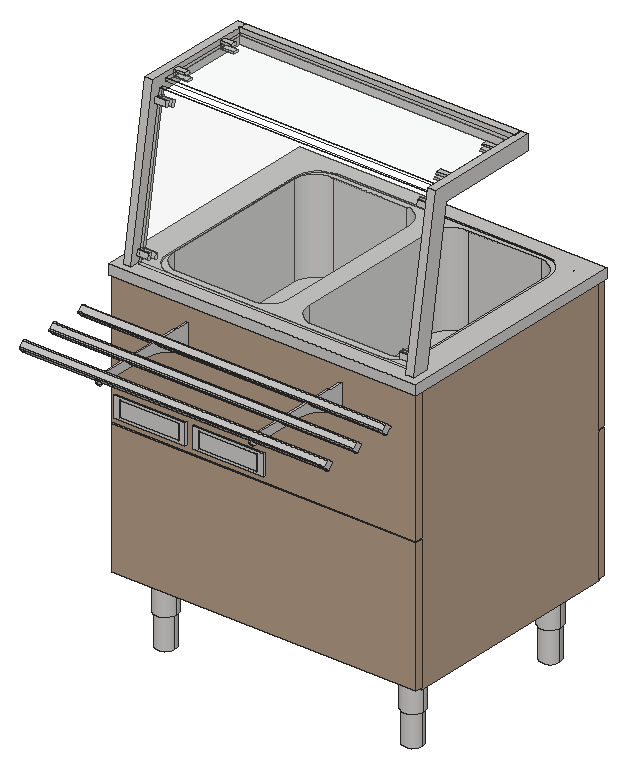
Revit family "QF_ELECTROLUXPROFESSIONAL_322078_F02H2AF01W", category Specialty Equipment, Revit 2018
Family settings
  Round Connector Dimension = Use Diameter
  Part Type = Normal
  Work Plane-Based = No
  Always vertical = Yes
  Cut with Voids When Loaded = No
  Shared = No
  Room Calculation Point = No
Parameters (values of type "Standard")
  Weight = 90.50 kg
  Watts = 0 W
  Volts = 220 V
  URL Manufacturer = "http://professional.electrolux.com"
  URL = "http://professional.electrolux.com"
  Steam Supply Size = 0 mm
  Steam Supply Minimum Pressure = 0.0 Pa
  Steam Supply Maximum Pressure = 0.0 Pa
  Steam Pounds per Hour = 0
  Show Clearance [instance] = yes
  Refrigeration Suction Line Size = 0 mm
  Refrigeration Liquid Line Size = 0 mm
  Refrigerant Compressor Remote = yes
  Manufacturer = "Electrolux Professional"
  Phase = 1
  Model = "F02H2AF01W"
  Length Actual = 800 mm  # constant formula
  Item Number = "322078"
  Hot Water Size = 0 mm
  Height Actual = 1304 mm  # constant formula
  HP = "0 HP"
  Gas Size = 0 mm
  Gas KW = 0
  Gas Input Pressure = 0 W
  Direct Waste Size = 19.05 mm
  Description = "BAIN-MARIE, WATER, TWO WELLS, 2GN H=900MM OVERSHELF W/LED LIGHTS"
  Depth Actual = 915 mm  # constant formula
  Cycle = 60 Hz
  Condensate Return Size = 0 mm
  Compressed Air Volume = 0.0 L/s
  Compressed Air Size = 0 mm
  Compressed Air Pressure = 0.0 Pa
  Cold Water Size = 0 mm
  Accessory = yes
Types (2, lengths in mm): name | URL | Manufacturer | Phase | Model | Description
  (no name) | 0 | 0 | 0 | 0 | 0
  Standard | "http://professional.electrolux.com" | "Electrolux Professional" | 1 | "F02H2AF01W" | "BAIN-MARIE, WATER, TWO WELLS, 2GN H=900MM OVERSHELF W/LED LIGHTS"
Values of the unnamed type that differ from the named types
  Volts = 0 V
  URL Manufacturer = ""
  Item Number = ""
  Cycle = 0 Hz
Reference planes
  plane 1 "Centro (Fronte/Retro)": y = 74.737
  plane 2: z = 0
  plane 3 "BACK": y = 384.737
  plane 4 "FRONT": y = -235.263
  plane 5: z = 900
  plane 6 "RIGHT": x = -114.269
  plane 7 "LEFT": x = -914.269
  plane 8: x = -514.269
  plane 9: y = 664.737
  plane 10: y = -530.02
  plane 11: z = 178
  plane 12: z = 1304
  plane 13: z = 1222
  plane 14: y = 297.737
  plane 15: y = -148.263
  plane 16: x = -836.269
  plane 17: x = -192.269
  plane 18: x = -910.269
  plane 19: y = -231.263
  plane 20: x = -118.269
  plane 21: y = 380.737
  plane 22: z = 874
  plane 23: y = 362.737
  plane 24: y = -213.263
  plane 25: z = 182
  plane 26: z = 527
  plane 27: z = 531
  plane 28: x = -312.269
  plane 29: x = -716.269
  plane 30: x = -892.394
  plane 31: x = -136.144
  plane 32: x = -156.144
  plane 33: x = -872.394
  plane 34: x = -864.269
  plane 35: x = -164.269
  plane 36: y = 130.237
  plane 37: y = 19.237
  plane 38: y = 33.237
  plane 39: y = 116.237
  plane 40: x = -802.269
  plane 41: x = -219.269
Forms (mm)
  Extrusion 1, solid, material "QF_Finishes_Wood"
    sketch origin (0, 0, 0) x (1, 0, 0) y (0, 1, 0)
      loop
        line (-910.269, 362.737) -> (-910.269, -213.263) -> (-118.269, -213.263) -> (-118.269, 362.737) -> (-910.269, 362.737)
    from 178 to 874
  Extrusion 2, solid, material "QF_Finishes_Wood"
    sketch origin (-118.269, 362.737, 0) x (0, -1, 0) y (0, 0, -1)
      loop
        line (576, -182) -> (576, -527) -> (594, -527) -> (594, -182) -> (576, -182)
      loop
        line (576, -531) -> (576, -874) -> (594, -874) -> (594, -531) -> (576, -531)
    from 0 to -792
  Extrusion 3, solid, material "QF_Finishes_Wood"
    sketch origin (-118.269, -213.263, 0) x (0, 1, 0) y (0, 0, 1)
      loop
        line (576, 531) -> (594, 531) -> (594, 874) -> (576, 874) -> (576, 531)
    from 0 to -792
  Extrusion 4, solid, material "QF_Finishes_Stainless Steel"
    sketch origin (0, 0, 0) x (1, 0, 0) y (0, 1, 0)
      loop
        line (-914.269, 384.737) -> (-914.269, -235.263) -> (-114.269, -235.263) -> (-114.269, 384.737) -> (-914.269, 384.737)
    from 874 to 900
  Extrusion 5, solid, material "QF_Finishes_Stainless Steel"
    sketch origin (-317.269, 362.737, 0) x (0, -1, 0) y (0, 0, -1)
      loop
        arc (628.84, -832.7) -> (632.082, -833.911) -> (635.519, -834.32) r 14.5
        line (635.519, -834.32) -> (675.715, -834.32) -> (689.858, -820.177) -> (704, -834.32) -> (770.715, -834.32) -> (784.858, -820.177) -> (799, -834.32) -> (865.716, -834.32) -> (879.858, -820.177) -> (887.686, -828.005) -> (887.686, -821.352)
        arc (887.686, -821.352) -> (887.303, -819.435) -> (886.214, -817.81) r 4.999
        line (886.214, -817.81) -> (881.179, -812.776)
        arc (881.179, -812.776) -> (879.559, -811.698) -> (877.651, -811.32) r 5
        line (877.651, -811.32) -> (732.206, -811.32)
        arc (732.206, -811.32) -> (708.662, -809.221) -> (685.86, -802.991) r 133.106
        line (685.86, -802.991) -> (638.285, -785.32) -> (597.679, -770.12) -> (594, -770.12) -> (594, -832.7) -> (628.84, -832.7)
    from 0 to 5
  Extrusion 6, void
    sketch origin (0, 0, 0) x (1, 0, 0) y (0, 1, 0)
      loop
        line (-846.552, 283.737) -> (-846.552, -130.763)
        arc (-846.552, -130.763) -> (-828.652, -173.896) -> (-785.519, -191.763) r 61
        line (-785.519, -191.763) -> (-243.019, -191.763)
        arc (-243.019, -191.763) -> (-199.885, -173.896) -> (-182.019, -130.763) r 61
        line (-182.019, -130.763) -> (-182.019, 283.737)
        arc (-182.019, 283.737) -> (-199.885, 326.871) -> (-243.019, 344.737) r 61
        line (-243.019, 344.737) -> (-785.519, 344.737)
        arc (-785.519, 344.737) -> (-828.652, 326.871) -> (-846.552, 283.737) r 61
    from 622.655 to 900
  Extrusion 7, solid, material "QF_Finishes_Wood"
    sketch origin (419.731, -213.263, -348) x (0, 1, 0) y (0, 0, 1)
      loop
        line (576, 530) -> (594, 530) -> (594, 875) -> (576, 875) -> (576, 530)
    from -538 to -658.044
  Extrusion 8, solid, material "QF_Finishes_Wood"
    sketch origin (-234.269, -213.263, -348) x (0, 1, 0) y (0, 0, 1)
      loop
        line (576, 530) -> (594, 530) -> (594, 875) -> (576, 875) -> (576, 530)
    from -548.963 to -676
  Extrusion 9, solid, material "QF_Door-Drawer Clearances", visible <- "Show Clearance"
    sketch origin (0, -4, 0) x (1, 0, 0) y (0, 1, 0)
      loop
        line (-783.232, 384.737) -> (-238.312, 384.737) -> (-710.987, 657.636)
        arc (-710.987, 657.636) -> (-765.12, 525.955) -> (-783.232, 384.737) r 544.001
    from 182 to 527
  Extrusion 10, solid, material "QF_Finishes_Stainless Steel"
    sketch origin (-716.269, 362.737, 0) x (0, -1, 0) y (0, 0, -1)
      loop
        arc (628.84, -832.7) -> (632.082, -833.911) -> (635.519, -834.32) r 14.5
        line (635.519, -834.32) -> (675.715, -834.32) -> (689.858, -820.177) -> (704, -834.32) -> (770.715, -834.32) -> (784.858, -820.177) -> (799, -834.32) -> (865.716, -834.32) -> (879.858, -820.177) -> (887.686, -828.005) -> (887.686, -821.352)
        arc (887.686, -821.352) -> (887.303, -819.435) -> (886.214, -817.81) r 4.999
        line (886.214, -817.81) -> (881.179, -812.776)
        arc (881.179, -812.776) -> (879.559, -811.698) -> (877.651, -811.32) r 5
        line (877.651, -811.32) -> (732.206, -811.32)
        arc (732.206, -811.32) -> (708.662, -809.221) -> (685.86, -802.991) r 133.106
        line (685.86, -802.991) -> (638.285, -785.32) -> (597.679, -770.12) -> (594, -770.12) -> (594, -832.7) -> (628.84, -832.7)
    from 0 to 5
  Extrusion 11, solid, material "QF_Finishes_Stainless Steel"
    sketch origin (-118.269, 362.737, 0) x (0, -1, 0) y (0, 0, -1)
      loop
        line (881.983, -846.337) -> (891.875, -836.445)
        arc (891.875, -836.445) -> (892.757, -834.322) -> (891.879, -832.198) r 3
        line (891.879, -832.198) -> (881.979, -822.299)
        arc (881.979, -822.299) -> (879.858, -821.42) -> (877.737, -822.299) r 3
        line (877.737, -822.299) -> (867.837, -832.198)
        arc (867.837, -832.198) -> (866.958, -834.32) -> (867.837, -836.441) r 3
        line (867.837, -836.441) -> (877.737, -846.34)
        arc (877.737, -846.34) -> (879.86, -847.219) -> (881.983, -846.337) r 3
      loop
        line (786.979, -846.34) -> (796.879, -836.441)
        arc (796.879, -836.441) -> (797.757, -834.32) -> (796.879, -832.198) r 3
        line (796.879, -832.198) -> (786.979, -822.299)
        arc (786.979, -822.299) -> (784.858, -821.42) -> (782.737, -822.299) r 3
        line (782.737, -822.299) -> (772.837, -832.198)
        arc (772.837, -832.198) -> (771.958, -834.317) -> (772.833, -836.437) r 3
        line (772.833, -836.437) -> (782.741, -846.345)
        arc (782.741, -846.345) -> (784.861, -847.219) -> (786.979, -846.34) r 3
      loop
        line (691.976, -846.343) -> (701.882, -836.438)
        arc (701.882, -836.438) -> (702.757, -834.318) -> (701.879, -832.198) r 3
        line (701.879, -832.198) -> (691.979, -822.299)
        arc (691.979, -822.299) -> (689.858, -821.42) -> (687.737, -822.299) r 3
        line (687.737, -822.299) -> (677.837, -832.198)
        arc (677.837, -832.198) -> (676.958, -834.32) -> (677.837, -836.441) r 3
        line (677.837, -836.441) -> (687.737, -846.34)
        arc (687.737, -846.34) -> (689.856, -847.219) -> (691.976, -846.343) r 3
    from 0 to -792
  Extrusion 12, solid, material "QF_Finishes_Stainless Steel"
    sketch origin (-118.269, 362.737, 0) x (0, -1, 0) y (0, 0, -1)
      loop
        line (206.477, -1264.379) -> (206.477, -1304) -> (507.108, -1304) -> (578.344, -900) -> (537.727, -900) -> (473.477, -1264.379) -> (206.477, -1264.379)
    from -17.875 to -37.875
  Extrusion 13, solid, material "QF_Finishes_Stainless Steel"
    sketch origin (-895.269, 362.737, 0) x (0, -1, 0) y (0, 0, 1)
      loop
        line (206.477, 1264.379) -> (473.477, 1264.379) -> (537.727, 900) -> (578.344, 900) -> (507.108, 1304) -> (206.477, 1304) -> (206.477, 1264.379)
    from -2.875 to -22.875
  Extrusion 14, solid, material "QF_Finishes_Glass"
    sketch origin (-133.269, -231.263, 531) x (0, 0, 1) y (-1, 0, 0)
      loop
        line (757.879, 31) -> (765.879, 31) -> (765.879, 731) -> (757.879, 731) -> (757.879, 31)
    from -361.5 to -120.204
  Extrusion 15, solid, material "QF_Finishes_Stainless Steel"
    sketch origin (0, 0, 0) x (1, 0, 0) y (0, 1, 0)
      loop
        line (-872.394, 156.26) -> (-872.394, 136.26) -> (-156.144, 136.26) -> (-156.144, 156.26) -> (-872.394, 156.26)
    from 1264.379 to 1304
  Extrusion 16, solid, material "QF_Finishes_Glass"
    sketch origin (-133.269, 362.737, 0) x (0, -1, 0) y (0, 0, -1)
      loop
        line (494.569, -1282.974) -> (562.097, -900) -> (553.974, -900) -> (486.445, -1282.974) -> (494.569, -1282.974)
    from -31 to -731
  Extrusion 17, solid, material "QF_Finishes_Stainless Steel"
    sketch origin (-133.269, -64.263, 531) x (0, 0, 1) y (-1, 0, 0)
      loop
        line (765.879, 706.5) -> (770.879, 708.5) -> (770.879, 739.125) -> (750.879, 739.125) -> (750.879, 731) -> (751.974, 731) -> (751.974, 700.938) -> (755.879, 702.5) -> (755.879, 732) -> (765.879, 732) -> (765.879, 706.5)
    from 0 to 14
  Extrusion 18, solid, material "QF_Finishes_Stainless Steel"
    sketch origin (-133.269, 85.737, 531) x (0, 0, 1) y (-1, 0, 0)
      loop
        line (765.879, 706.5) -> (770.879, 708.5) -> (770.879, 739.125) -> (750.879, 739.125) -> (750.879, 731) -> (751.974, 731) -> (751.974, 700.938) -> (755.879, 702.5) -> (755.879, 732) -> (765.879, 732) -> (765.879, 706.5)
    from 0 to 14
  Extrusion 19, solid, material "QF_Finishes_Stainless Steel"
    sketch origin (-895.269, -64.263, 531) x (0, 0, 1) y (-1, 0, 0)
      loop
        line (765.879, -706.5) -> (765.879, -732) -> (755.879, -732) -> (755.879, -702.5) -> (751.974, -700.938) -> (751.974, -731) -> (750.879, -731) -> (750.879, -739.125) -> (770.879, -739.125) -> (770.879, -708.5) -> (765.879, -706.5)
    from 0 to 14
  Extrusion 20, solid, material "QF_Finishes_Stainless Steel"
    sketch origin (-895.269, 85.737, 531) x (0, 0, 1) y (-1, 0, 0)
      loop
        line (765.879, -706.5) -> (765.879, -732) -> (755.879, -732) -> (755.879, -702.5) -> (751.974, -700.938) -> (751.974, -731) -> (750.879, -731) -> (750.879, -739.125) -> (770.879, -739.125) -> (770.879, -708.5) -> (765.879, -706.5)
    from 0 to 14
  Extrusion 21, solid, material "QF_Finishes_Stainless Steel"
    sketch origin (-895.269, 619.458, 1129.907) x (0, -0.984808, 0.173648) y (-1, 0, 0)
      loop
        line (765.879, -706.5) -> (765.879, -732) -> (755.879, -732) -> (755.879, -702.5) -> (751.974, -700.938) -> (751.974, -731) -> (750.879, -731) -> (750.879, -739.125) -> (770.879, -739.125) -> (770.879, -708.5) -> (765.879, -706.5)
    from 0 to 14
  Extrusion 22, solid, material "QF_Finishes_Stainless Steel"
    sketch origin (-133.269, 619.458, 1129.907) x (0, -0.984808, 0.173648) y (-1, 0, 0)
      loop
        line (765.879, 706.5) -> (770.879, 708.5) -> (770.879, 739.125) -> (750.879, 739.125) -> (750.879, 731) -> (751.974, 731) -> (751.974, 700.938) -> (755.879, 702.5) -> (755.879, 732) -> (765.879, 732) -> (765.879, 706.5)
    from 0 to 14
  Extrusion 23, solid, material "QF_Finishes_Stainless Steel"
    sketch origin (-895.269, 562.154, 799.389) x (0, -0.984808, 0.173648) y (-1, 0, 0)
      loop
        line (765.879, -706.5) -> (765.879, -732) -> (755.879, -732) -> (755.879, -702.5) -> (751.974, -700.938) -> (751.974, -731) -> (750.879, -731) -> (750.879, -739.125) -> (770.879, -739.125) -> (770.879, -708.5) -> (765.879, -706.5)
    from 0 to 14
  Extrusion 24, solid, material "QF_Finishes_Stainless Steel"
    sketch origin (-133.269, 562.154, 799.389) x (0, -0.984808, 0.173648) y (-1, 0, 0)
      loop
        line (765.879, 706.5) -> (770.879, 708.5) -> (770.879, 739.125) -> (750.879, 739.125) -> (750.879, 731) -> (751.974, 731) -> (751.974, 700.938) -> (755.879, 702.5) -> (755.879, 732) -> (765.879, 732) -> (765.879, 706.5)
    from 0 to 14
  Extrusion 25, solid, material "QF_Finishes_Wood"
    sketch origin (314.688, -213.263, -348) x (0, 1, 0) y (0, 0, 1)
      loop
        line (576, 530) -> (594, 530) -> (594, 875) -> (576, 875) -> (576, 530)
    from -553 to -1097.92
  Extrusion 26, solid, material "QF_Finishes_Stainless Steel"
    sketch origin (-1043.537, 3.4, 0) x (-1, 0, 0) y (0, -1, 0)
      loop
        circle (-196.269, -121.337) r 10
    from 178 to 166
  Extrusion 27, solid, material "QF_Finishes_Stainless Steel"
    sketch origin (-1043.537, 146.074, 0) x (-1, 0, 0) y (0, -1, 0)
      loop
        circle (-196.269, 121.337) r 10
    from 178 to 166
Cuts and joins
  Extrusion 6 cuts Extrusion 1
  Extrusion 6 cuts Extrusion 4
Lines and regions (mm)
  symbolic lines
    curve 1: line (-114.269, 384.737, 0) -> (-114.269, -235.263, 0)
    curve 2: line (-914.269, -235.263, 0) -> (-914.269, 384.737, 0)
    curve 3: line (-914.269, 384.737, 0) -> (-114.269, 384.737, 0)
    curve 4: line (-914.269, -235.263, 0) -> (-114.269, -235.263, 0)
    curve 5: line (-164.269, -64.263, 0) -> (-164.269, 71.737, 0)
    curve 6: line (-864.269, 71.737, 0) -> (-864.269, -64.263, 0)
    curve 7: line (-892.394, 156.26, 0) -> (-136.144, 156.26, 0)
    curve 8: line (-136.144, 156.26, 0) -> (-136.144, -215.607, 0)
    curve 9: line (-136.144, -215.607, 0) -> (-156.144, -215.607, 0)
    curve 10: line (-156.144, -215.607, 0) -> (-156.144, 156.26, 0)
    curve 11: line (-156.144, 136.26, 0) -> (-872.394, 136.26, 0)
    curve 12: line (-872.394, 156.26, 0) -> (-872.394, -215.607, 0)
    curve 13: line (-872.394, -215.607, 0) -> (-892.394, -215.607, 0)
    curve 14: line (-892.394, -215.607, 0) -> (-892.394, 156.26, 0)
    curve 15: line (-892.394, -144.371, 0) -> (-872.394, -144.371, 0)
    curve 16: line (-156.144, -144.371, 0) -> (-136.144, -144.371, 0)
    curve 17: line (-864.269, 130.237, 0) -> (-864.269, 85.737, 0)
    curve 18: line (-864.269, 130.237, 0) -> (-164.269, 130.237, 0)
    curve 19: line (-164.269, 130.237, 0) -> (-164.269, 85.737, 0)
    curve 20: line (-164.269, -78.263, 0) -> (-164.269, -111.059, 0)
    curve 21: line (-156.144, 85.737, 0) -> (-188.769, 85.737, 0)
    curve 22: line (-188.769, 85.737, 0) -> (-188.769, 71.737, 0)
    curve 23: line (-188.769, 71.737, 0) -> (-156.144, 71.737, 0)
    curve 24: line (-156.144, -64.263, 0) -> (-188.769, -64.263, 0)
    curve 25: line (-188.769, -64.263, 0) -> (-188.769, -78.263, 0)
    curve 26: line (-188.769, -78.263, 0) -> (-156.144, -78.263, 0)
    curve 27: line (-872.394, -64.263, 0) -> (-839.769, -64.263, 0)
    curve 28: line (-839.769, -64.263, 0) -> (-839.769, -78.263, 0)
    curve 29: line (-839.769, -78.263, 0) -> (-872.394, -78.263, 0)
    curve 30: line (-872.394, 85.737, 0) -> (-839.769, 85.737, 0)
    curve 31: line (-839.769, 85.737, 0) -> (-839.769, 71.737, 0)
    curve 32: line (-839.769, 71.737, 0) -> (-872.394, 71.737, 0)
    curve 33: line (-872.394, -142.14, 0) -> (-841.769, -142.14, 0)
    curve 34: line (-841.769, -142.14, 0) -> (-841.769, -139.709, 0)
    curve 35: line (-841.769, -139.709, 0) -> (-872.394, -139.709, 0)
    curve 36: line (-841.769, -142.14, 0) -> (-839.769, -137.216, 0)
    curve 37: line (-865.269, -134.785, 0) -> (-839.769, -134.785, 0)
    curve 38: line (-865.269, -134.785, 0) -> (-865.269, -124.937, 0)
    curve 39: line (-865.269, -124.937, 0) -> (-864.269, -124.937, 0)
    curve 40: line (-865.269, -127.368, 0) -> (-864.269, -127.368, 0)
    curve 41: line (-872.394, -120.013, 0) -> (-864.269, -120.013, 0)
    curve 42: line (-864.269, -120.013, 0) -> (-864.269, -121.091, 0)
    curve 43: line (-864.269, -121.091, 0) -> (-834.207, -121.091, 0)
    curve 44: line (-834.207, -121.091, 0) -> (-834.207, -123.708, 0)
    curve 45: line (-834.207, -121.091, 0) -> (-835.269, -123.708, 0)
    curve 46: line (-841.769, -139.709, 0) -> (-839.769, -134.785, 0)
    curve 47: line (-839.769, -134.785, 0) -> (-839.769, -137.216, 0)
    curve 48: line (-864.269, -123.708, 0) -> (-864.269, -134.785, 0)
    curve 49: line (-164.269, -131.831, 0) -> (-164.269, -123.708, 0)
    curve 50: line (-164.269, -123.708, 0) -> (-864.269, -123.708, 0)
    curve 51: line (-156.144, -142.14, 0) -> (-186.769, -142.14, 0)
    curve 52: line (-186.769, -142.14, 0) -> (-186.769, -139.709, 0)
    curve 53: line (-186.769, -139.709, 0) -> (-156.144, -139.709, 0)
    curve 54: line (-186.769, -142.14, 0) -> (-188.769, -137.216, 0)
    curve 55: line (-163.269, -134.785, 0) -> (-188.769, -134.785, 0)
    curve 56: line (-163.269, -134.785, 0) -> (-163.269, -124.937, 0)
    curve 57: line (-163.269, -124.937, 0) -> (-164.269, -124.937, 0)
    curve 58: line (-163.269, -127.368, 0) -> (-164.269, -127.368, 0)
    curve 59: line (-156.144, -120.013, 0) -> (-164.269, -120.013, 0)
    curve 60: line (-164.269, -120.013, 0) -> (-164.269, -121.091, 0)
    curve 61: line (-164.269, -121.091, 0) -> (-194.331, -121.091, 0)
    curve 62: line (-194.331, -121.091, 0) -> (-194.331, -123.708, 0)
    curve 63: line (-194.331, -121.091, 0) -> (-193.268, -123.708, 0)
    curve 64: line (-186.769, -139.709, 0) -> (-188.769, -134.785, 0)
    curve 65: line (-188.769, -134.785, 0) -> (-188.769, -137.216, 0)
    curve 66: line (-164.269, -123.708, 0) -> (-164.269, -134.785, 0)
    curve 67: line (-864.269, -142.14, 0) -> (-864.269, -192.089, 0)
    curve 68: line (-864.269, -177.317, 0) -> (-872.394, -177.317, 0)
    curve 69: line (-864.269, -182.241, 0) -> (-865.269, -182.241, 0)
    curve 70: line (-865.269, -184.672, 0) -> (-864.269, -184.672, 0)
    curve 71: line (-865.269, -182.241, 0) -> (-865.269, -192.089, 0)
    curve 72: line (-865.269, -192.089, 0) -> (-839.779, -192.089, 0)
    curve 73: line (-841.769, -197.013, 0) -> (-839.779, -192.089, 0)
    curve 74: line (-839.779, -192.089, 0) -> (-839.779, -194.52, 0)
    curve 75: line (-841.769, -199.444, 0) -> (-839.779, -194.52, 0)
    curve 76: line (-841.769, -197.013, 0) -> (-841.769, -199.444, 0)
    curve 77: line (-872.394, -199.444, 0) -> (-841.769, -199.444, 0)
    curve 78: line (-841.769, -197.013, 0) -> (-872.394, -197.013, 0)
    curve 79: line (-164.269, -177.317, 0) -> (-156.144, -177.317, 0)
    curve 80: line (-164.269, -182.241, 0) -> (-163.269, -182.241, 0)
    curve 81: line (-163.269, -184.672, 0) -> (-164.269, -184.672, 0)
    curve 82: line (-163.269, -182.241, 0) -> (-163.269, -192.089, 0)
    curve 83: line (-163.269, -192.089, 0) -> (-188.758, -192.089, 0)
    curve 84: line (-186.769, -197.013, 0) -> (-188.758, -192.089, 0)
    curve 85: line (-188.758, -192.089, 0) -> (-188.758, -194.52, 0)
    curve 86: line (-186.769, -199.444, 0) -> (-188.758, -194.52, 0)
    curve 87: line (-186.769, -197.013, 0) -> (-186.769, -199.444, 0)
    curve 88: line (-156.144, -199.444, 0) -> (-186.769, -199.444, 0)
    curve 89: line (-186.769, -197.013, 0) -> (-156.144, -197.013, 0)
    curve 90: line (-841.735, -199.36, 0) -> (-186.803, -199.36, 0)
    curve 91: line (-864.269, -78.263, 0) -> (-864.269, -111.059, 0)
    curve 92: line (-864.269, -111.059, 0) -> (-164.269, -111.059, 0)
    curve 93: line (-864.269, -131.831, 0) -> (-164.269, -131.831, 0)
    curve 94: line (-164.269, -142.14, 0) -> (-164.269, -192.089, 0)
    curve 95: line (-914.269, -235.263, 0) -> (-914.269, -530.02, 0)
    curve 96: line (-914.269, -530.02, 0) -> (-114.269, -530.02, 0)
    curve 97: line (-114.269, -530.02, 0) -> (-114.269, -235.263, 0)
  symbolic lines, style "QF_Door-Drawer Clearances"
    curve 98: line (-245.24, 384.737, 0) -> (-710.987, 653.636, 0)
    curve 99: arc (-710.987, 653.636, 0) -> (-764.605, 523.887, 0) -> (-783.232, 384.737, 0) r 544.001
    curve 100: line (-285.24, 384.737, 0) -> (-720.987, 636.316, 0)
  symbolic lines, style "SpecialityEquipmentHiddenLines"
    curve 101: line (-594.519, 331.237, 0) -> (-785.519, 331.237, 0)
    curve 102: arc (-785.519, 331.237, 0) -> (-825.117, 314.835, 0) -> (-841.519, 275.237, 0) r 56
    curve 103: line (-841.519, 275.237, 0) -> (-841.519, -115.763, 0)
    curve 104: arc (-841.519, -115.763, 0) -> (-825.117, -155.361, 0) -> (-785.519, -171.763, 0) r 56
    curve 105: line (-785.519, -171.763, 0) -> (-594.519, -171.763, 0)
    curve 106: arc (-594.519, -171.763, 0) -> (-554.921, -155.361, 0) -> (-538.519, -115.763, 0) r 56
    curve 107: line (-538.519, -115.763, 0) -> (-538.519, 275.237, 0)
    curve 108: arc (-538.519, 275.237, 0) -> (-554.921, 314.835, 0) -> (-594.519, 331.237, 0) r 56
    curve 109: line (-243.019, 331.237, 0) -> (-434.019, 331.237, 0)
    curve 110: arc (-434.019, 331.237, 0) -> (-473.617, 314.835, 0) -> (-490.019, 275.237, 0) r 56
    curve 111: line (-490.019, 275.237, 0) -> (-490.019, -115.763, 0)
    curve 112: arc (-490.019, -115.763, 0) -> (-473.617, -155.361, 0) -> (-434.019, -171.763, 0) r 56
    curve 113: line (-434.019, -171.763, 0) -> (-243.019, -171.763, 0)
    curve 114: arc (-243.019, -171.763, 0) -> (-203.421, -155.361, 0) -> (-187.019, -115.763, 0) r 56
    curve 115: line (-187.019, -115.763, 0) -> (-187.019, 275.237, 0)
    curve 116: arc (-187.019, 275.237, 0) -> (-203.421, 314.835, 0) -> (-243.019, 331.237, 0) r 56
Dimensions and locks
  plane 7 "LEFT" to plane 6 "RIGHT" = 800 mm
  equal spacing: plane 3 "BACK", plane 1 "Centro (Fronte/Retro)", plane 4 "FRONT"
  plane 3 "BACK" to plane 4 "FRONT" = 620 mm
  equal spacing: plane 7 "LEFT", plane 8, plane 6 "RIGHT"
  locked: plane 9 to plane 3 "BACK" at 280
  locked: plane 4 "FRONT" to plane 10 at 294.757
  locked: plane 11 to plane 2 at 178
  locked: plane 5 to plane 2 at 900
  locked: plane 12 to plane 2 at 1304
  locked: plane 13 to plane 2 at 1222
  locked: plane 3 "BACK" to plane 14 at 87
  locked: plane 7 "LEFT" to plane 16 at 78
  locked: plane 17 to plane 6 "RIGHT" at 78
  locked: plane 15 to plane 4 "FRONT" at 87
  locked: plane 3 "BACK" to plane 21 at 4
  locked: plane 7 "LEFT" to plane 18 at 4
  locked: plane 20 to plane 6 "RIGHT" at 4
  locked: plane 19 to plane 4 "FRONT" at 4
  locked: plane 5 to plane 22 at 26
  locked: plane 24 to plane 19 at 18
  locked: plane 21 to plane 23 at 18
  plane 20 to plane 28 = 194 mm
  plane 29 to plane 18 = 194 mm
  equal spacing: plane 30, plane 8, plane 31
  plane 30 to plane 31 = 756.25 mm
  locked: plane 30 to plane 33 at 20
  locked: plane 32 to plane 31 at 20
  equal spacing: plane 34, plane 8, plane 35
  plane 34 to plane 35 = 700 mm
  equal spacing: plane 36, plane 1 "Centro (Fronte/Retro)", plane 37
  plane 36 to plane 37 = 111 mm
  locked: plane 36 to plane 39 at 14
  locked: plane 38 to plane 37 at 14
  locked: plane 41 to plane 6 "RIGHT" at 105
  locked: plane 7 "LEFT" to plane 40 at 112
  plane 16 to plane 7 "LEFT" = 78 mm
  plane 6 "RIGHT" to plane 17 = 78 mm
  angle Extrusion 9 sketch curve to Extrusion 25 = 30.00°
  aligned and locked: level to plane 2
  aligned and locked: Extrusion 1 sketch curve to plane 23
  aligned and locked: plane 18 to Extrusion 1 sketch curve
  aligned and locked: plane 24 to Extrusion 1 sketch curve
  aligned and locked: Extrusion 1 sketch curve to plane 20
  aligned and locked: plane 22 to Extrusion 1
  aligned and locked: Extrusion 1 to plane 11
  aligned and locked: plane 25 to Extrusion 2 sketch curve
  aligned and locked: Extrusion 2 sketch curve to plane 24  (x2)
  aligned and locked: Extrusion 2 sketch curve to plane 26
  aligned and locked: plane 19 to Extrusion 2 sketch curve  (x2)
  aligned and locked: plane 27 to Extrusion 2 sketch curve
  aligned and locked: Extrusion 2 sketch curve to plane 22
  aligned and locked: Extrusion 2 to plane 18
  aligned and locked: Extrusion 3 to plane 18
  aligned and locked: Extrusion 4 sketch curve to plane 3 "BACK"
  aligned and locked: plane 7 "LEFT" to Extrusion 4 sketch curve
  aligned and locked: plane 4 "FRONT" to Extrusion 4 sketch curve
  aligned and locked: Extrusion 4 sketch curve to plane 6 "RIGHT"
  aligned and locked: Extrusion 4 to plane 22
  aligned and locked: plane 20 to Extrusion 7
  aligned and locked: Extrusion 8 to plane 18
  aligned and locked: plane 26 to Extrusion 9
  aligned and locked: Extrusion 7 to plane 25
  aligned and locked: Extrusion 8 to plane 25
  aligned and locked: plane 16 to nested 1
  aligned and locked: plane 17 to nested 2
  aligned and locked: nested 2 to plane 15
  aligned and locked: nested 1 to plane 15
  aligned and locked: nested 3 to plane 14
  aligned and locked: plane 16 to nested 4
  aligned and locked: plane 20 to Extrusion 11
  aligned and locked: Extrusion 11 to plane 18
  aligned and locked: nested 4 to plane 14
  aligned and locked: Extrusion 12 to plane 31
  aligned and locked: Extrusion 12 to plane 32
  aligned and locked: plane 33 to Extrusion 13
  aligned and locked: Extrusion 13 to plane 30
  aligned and locked: Extrusion 15 sketch curve to plane 32
  aligned and locked: plane 33 to Extrusion 15 sketch curve
  aligned and locked: Extrusion 15 to Extrusion 12
  aligned and locked: Extrusion 16 to plane 34
  aligned and locked: plane 35 to Extrusion 16
  aligned and locked: plane 33 to Extrusion 17 sketch curve
  aligned and locked: Extrusion 14 sketch curve to plane 35
  aligned and locked: plane 34 to Extrusion 14 sketch curve
  aligned and locked: plane 17 to nested 3
Automatic sketch dimensions
  Extrusion 1 to Extrusion 3 sketch curve = 0 mm
  Extrusion 3 sketch curve to Extrusion 1 = 0 mm
  Extrusion 3 sketch curve to Extrusion 3 sketch curve = 18 mm
  Extrusion 3 sketch curve to Extrusion 3 sketch curve = 343 mm
  Extrusion 5 sketch curve to plane 19 = 0 mm
  plane 4 "FRONT" to Extrusion 5 sketch curve = 0.321 mm
  Extrusion 5 sketch curve to plane 4 "FRONT" = 30.84 mm
  Extrusion 5 sketch curve to Extrusion 5 sketch curve = 6.66 mm
  Extrusion 5 sketch curve to Extrusion 5 sketch curve = 6.678 mm
  Extrusion 5 sketch curve to Extrusion 5 sketch curve = 2.785 mm
  Extrusion 5 sketch curve to Extrusion 5 sketch curve = 40.197 mm
  Extrusion 5 sketch curve to Extrusion 5 sketch curve = 10.145 mm
  Extrusion 5 sketch curve to Extrusion 5 sketch curve = 3.998 mm
  Extrusion 5 sketch curve to plane 22 = 39.68 mm  (x3)
  Extrusion 5 sketch curve to Extrusion 5 sketch curve = 14.142 mm  (x3)
  Extrusion 5 sketch curve to Extrusion 5 sketch curve = 28.206 mm
  Extrusion 5 sketch curve to Extrusion 5 sketch curve = 38.51 mm
  Extrusion 5 sketch curve to Extrusion 5 sketch curve = 14.143 mm
  plane 10 to Extrusion 5 sketch curve = 27.042 mm
  plane 10 to Extrusion 5 sketch curve = 15.107 mm
  Extrusion 5 sketch curve to Extrusion 5 sketch curve = 2.207 mm
  Extrusion 5 sketch curve to Extrusion 5 sketch curve = 3.528 mm  (x2)
  Extrusion 5 sketch curve to Extrusion 5 sketch curve = 2.829 mm
  plane 10 to Extrusion 5 sketch curve = 5.072 mm
  Extrusion 5 sketch curve to Extrusion 5 sketch curve = 1.62 mm
  Extrusion 5 sketch curve to Extrusion 5 sketch curve = 6.314 mm
  Extrusion 5 sketch curve to Extrusion 5 sketch curve = 6.653 mm
  Extrusion 5 sketch curve to Extrusion 5 sketch curve = 1.175 mm
  Extrusion 5 sketch curve to Extrusion 5 sketch curve = 3.858 mm
  Extrusion 5 sketch curve to Extrusion 5 sketch curve = 3.543 mm
  Extrusion 5 sketch curve to Extrusion 5 sketch curve = 23 mm
  Extrusion 5 sketch curve to Extrusion 5 sketch curve = 17.187 mm
  Extrusion 5 sketch curve to Extrusion 5 sketch curve = 34.499 mm
  Extrusion 5 sketch curve to Extrusion 5 sketch curve = 15.2 mm
  Extrusion 5 sketch curve to Extrusion 5 sketch curve = 0 mm
  Extrusion 6 sketch curve to plane 40 = 16.75 mm  (x2)
  plane 41 to Extrusion 6 sketch curve = 23.75 mm  (x2)
  plane 24 to Extrusion 6 sketch curve = 21.5 mm
  plane 15 to Extrusion 6 sketch curve = 17.5 mm  (x2)
  Extrusion 6 sketch curve to plane 14 = 14 mm  (x2)
  Extrusion 6 sketch curve to plane 23 = 18 mm
  Extrusion 6 sketch curve to Extrusion 6 sketch curve = 0.033 mm
  Extrusion 6 sketch curve to Extrusion 6 sketch curve = 0 mm  (x5)
  Extrusion 7 sketch curve to plane 23 = 0 mm
  Extrusion 7 sketch curve to plane 21 = 0 mm
  Extrusion 7 sketch curve to plane 25 = 0 mm
  Extrusion 7 sketch curve to plane 26 = 0 mm
  Extrusion 8 sketch curve to plane 23 = 0 mm
  Extrusion 8 sketch curve to plane 21 = 0 mm
  Extrusion 8 sketch curve to plane 25 = 0 mm
  Extrusion 8 sketch curve to plane 26 = 0 mm
  Extrusion 9 sketch curve to plane 21 = 0 mm
  Extrusion 9 sketch curve to plane 40 = 19.037 mm
  Extrusion 9 sketch curve to plane 3 "BACK" = 2 mm
  plane 41 to Extrusion 9 sketch curve = 19.966 mm
  Extrusion 9 sketch curve to Extrusion 9 sketch curve = 0.923 mm
  Extrusion 10 sketch curve to plane 19 = 0 mm
  plane 4 "FRONT" to Extrusion 10 sketch curve = 0.321 mm
  Extrusion 10 sketch curve to plane 4 "FRONT" = 30.84 mm
  Extrusion 10 sketch curve to Extrusion 10 sketch curve = 6.66 mm
  Extrusion 10 sketch curve to Extrusion 10 sketch curve = 6.678 mm
  Extrusion 10 sketch curve to Extrusion 10 sketch curve = 2.785 mm
  Extrusion 10 sketch curve to Extrusion 10 sketch curve = 40.197 mm
  Extrusion 10 sketch curve to Extrusion 10 sketch curve = 10.145 mm
  Extrusion 10 sketch curve to Extrusion 10 sketch curve = 3.998 mm
  Extrusion 10 sketch curve to plane 22 = 39.68 mm  (x3)
  Extrusion 10 sketch curve to Extrusion 10 sketch curve = 14.142 mm  (x3)
  Extrusion 10 sketch curve to Extrusion 10 sketch curve = 28.206 mm
  Extrusion 10 sketch curve to Extrusion 10 sketch curve = 38.51 mm
  Extrusion 10 sketch curve to Extrusion 10 sketch curve = 14.143 mm
  plane 10 to Extrusion 10 sketch curve = 27.042 mm
  plane 10 to Extrusion 10 sketch curve = 15.107 mm
  Extrusion 10 sketch curve to Extrusion 10 sketch curve = 2.207 mm
  Extrusion 10 sketch curve to Extrusion 10 sketch curve = 3.528 mm  (x2)
  Extrusion 10 sketch curve to Extrusion 10 sketch curve = 2.829 mm
  plane 10 to Extrusion 10 sketch curve = 5.072 mm
  Extrusion 10 sketch curve to Extrusion 10 sketch curve = 1.62 mm
  Extrusion 10 sketch curve to Extrusion 10 sketch curve = 6.314 mm
  Extrusion 10 sketch curve to Extrusion 10 sketch curve = 6.653 mm
  Extrusion 10 sketch curve to Extrusion 10 sketch curve = 1.175 mm
  Extrusion 10 sketch curve to Extrusion 10 sketch curve = 3.858 mm
  Extrusion 10 sketch curve to Extrusion 10 sketch curve = 3.543 mm
  Extrusion 10 sketch curve to Extrusion 10 sketch curve = 23 mm
  Extrusion 10 sketch curve to Extrusion 10 sketch curve = 17.187 mm
  Extrusion 10 sketch curve to Extrusion 10 sketch curve = 34.499 mm
  Extrusion 10 sketch curve to Extrusion 10 sketch curve = 15.2 mm
  Extrusion 10 sketch curve to Extrusion 10 sketch curve = 0 mm
  Extrusion 1 to Extrusion 11 sketch curve = 39.68 mm
  Extrusion 11 sketch curve to Extrusion 1 = 103.958 mm
  Extrusion 11 sketch curve to Extrusion 11 sketch curve = 9.899 mm  (x7)
  Extrusion 1 to Extrusion 11 sketch curve = 27.657 mm
  Extrusion 11 sketch curve to Extrusion 11 sketch curve = 2.118 mm  (x3)
  Extrusion 1 to Extrusion 11 sketch curve = 37.562 mm
  Extrusion 11 sketch curve to Extrusion 11 sketch curve = 2.124 mm  (x2)
  Extrusion 1 to Extrusion 11 sketch curve = 37.563 mm
  Extrusion 11 sketch curve to Extrusion 11 sketch curve = 70.951 mm
  Extrusion 1 to Extrusion 11 sketch curve = 41.802 mm  (x6)
  Extrusion 11 sketch curve to Extrusion 11 sketch curve = 0.004 mm
  Extrusion 11 sketch curve to Extrusion 11 sketch curve = 2.126 mm
  Extrusion 1 to Extrusion 11 sketch curve = 27.655 mm
  Extrusion 11 sketch curve to Extrusion 11 sketch curve = 9.908 mm
  Extrusion 11 sketch curve to Extrusion 11 sketch curve = 2.117 mm
  Extrusion 11 sketch curve to Extrusion 11 sketch curve = 9.9 mm  (x3)
  Extrusion 1 to Extrusion 11 sketch curve = 27.66 mm  (x3)
  Extrusion 11 sketch curve to Extrusion 11 sketch curve = 2.121 mm  (x16)
  Extrusion 1 to Extrusion 11 sketch curve = 37.559 mm  (x3)
  Extrusion 11 sketch curve to Extrusion 11 sketch curve = 70.958 mm
  Extrusion 11 sketch curve to Extrusion 11 sketch curve = 0 mm  (x12)
  Extrusion 1 to Extrusion 11 sketch curve = 51.701 mm  (x6)
  Extrusion 1 to Extrusion 11 sketch curve = 27.663 mm
  Extrusion 11 sketch curve to Extrusion 11 sketch curve = 2.125 mm
  Extrusion 1 to Extrusion 11 sketch curve = 37.555 mm
  Extrusion 1 to Extrusion 12 sketch curve = 206.477 mm
  Extrusion 1 to Extrusion 12 sketch curve = 102.523 mm
  Extrusion 12 sketch curve to Extrusion 12 sketch curve = 33.631 mm
  Extrusion 1 to Extrusion 12 sketch curve = 38.273 mm
  Extrusion 12 sketch curve to Extrusion 1 = 2.344 mm
  Extrusion 12 sketch curve to Extrusion 1 = 430 mm
  Extrusion 12 sketch curve to Extrusion 12 sketch curve = 39.621 mm
  Extrusion 12 sketch curve to Extrusion 1 = 26 mm
  Extrusion 13 sketch curve to plane 12 = 0 mm
  Extrusion 13 sketch curve to plane 5 = 0 mm
  plane 36 to Extrusion 13 sketch curve = 26.023 mm
  plane 15 to Extrusion 13 sketch curve = 37.523 mm
  plane 15 to Extrusion 13 sketch curve = 3.892 mm
  Extrusion 13 sketch curve to plane 15 = 26.727 mm
  Extrusion 13 sketch curve to plane 24 = 2.344 mm
  Extrusion 13 sketch curve to plane 12 = 39.621 mm
  Extrusion 14 sketch curve to plane 12 = 15.121 mm
  Extrusion 14 sketch curve to plane 12 = 7.121 mm
  plane 36 to Extrusion 15 sketch curve = 6.023 mm
  Extrusion 15 sketch curve to Extrusion 15 sketch curve = 20 mm
  Extrusion 16 sketch curve to plane 5 = 0 mm
  plane 15 to Extrusion 16 sketch curve = 24.555 mm
  Extrusion 16 sketch curve to Extrusion 16 sketch curve = 8.123 mm  (x2)
  plane 24 to Extrusion 16 sketch curve = 22.026 mm
  Extrusion 16 sketch curve to plane 12 = 21.026 mm
  Extrusion 17 sketch curve to plane 34 = 0 mm
  Extrusion 17 sketch curve to plane 12 = 22.121 mm
  Extrusion 17 sketch curve to Extrusion 17 sketch curve = 1.095 mm
  plane 16 to Extrusion 17 sketch curve = 0.5 mm
  Extrusion 17 sketch curve to Extrusion 17 sketch curve = 3.905 mm
  Extrusion 17 sketch curve to plane 34 = 1 mm
  Extrusion 17 sketch curve to plane 12 = 7.121 mm
  Extrusion 17 sketch curve to plane 12 = 2.121 mm
  plane 16 to Extrusion 17 sketch curve = 2.062 mm
  Extrusion 17 sketch curve to plane 16 = 3.5 mm
  Extrusion 17 sketch curve to Extrusion 17 sketch curve = 2 mm
  Extrusion 18 sketch curve to plane 34 = 0 mm
  Extrusion 18 sketch curve to plane 33 = 0 mm
  Extrusion 18 sketch curve to plane 12 = 22.121 mm
  Extrusion 18 sketch curve to Extrusion 18 sketch curve = 1.095 mm
  plane 16 to Extrusion 18 sketch curve = 0.5 mm
  Extrusion 18 sketch curve to Extrusion 18 sketch curve = 3.905 mm
  Extrusion 18 sketch curve to plane 34 = 1 mm
  Extrusion 18 sketch curve to plane 12 = 7.121 mm
  Extrusion 18 sketch curve to plane 12 = 2.121 mm
  plane 16 to Extrusion 18 sketch curve = 2.062 mm
  Extrusion 18 sketch curve to plane 16 = 3.5 mm
  Extrusion 18 sketch curve to Extrusion 18 sketch curve = 2 mm
  Extrusion 19 sketch curve to plane 35 = 0 mm
  Extrusion 19 sketch curve to plane 32 = 0 mm
  Extrusion 19 sketch curve to plane 12 = 22.121 mm
  Extrusion 19 sketch curve to Extrusion 19 sketch curve = 1.095 mm
  Extrusion 19 sketch curve to plane 17 = 0.5 mm
  Extrusion 19 sketch curve to Extrusion 19 sketch curve = 3.905 mm
  plane 35 to Extrusion 19 sketch curve = 1 mm
  Extrusion 19 sketch curve to plane 12 = 7.121 mm
  Extrusion 19 sketch curve to plane 12 = 2.121 mm
  plane 17 to Extrusion 19 sketch curve = 5.5 mm
  plane 17 to Extrusion 19 sketch curve = 3.5 mm
  Extrusion 19 sketch curve to plane 17 = 2.062 mm
  Extrusion 20 sketch curve to plane 35 = 0 mm
  Extrusion 20 sketch curve to plane 32 = 0 mm
  Extrusion 20 sketch curve to plane 12 = 22.121 mm
  Extrusion 20 sketch curve to Extrusion 20 sketch curve = 1.095 mm
  Extrusion 20 sketch curve to plane 17 = 0.5 mm
  Extrusion 20 sketch curve to Extrusion 20 sketch curve = 3.905 mm
  plane 35 to Extrusion 20 sketch curve = 1 mm
  Extrusion 20 sketch curve to plane 12 = 7.121 mm
  Extrusion 20 sketch curve to plane 12 = 2.121 mm
  plane 17 to Extrusion 20 sketch curve = 5.5 mm
  plane 17 to Extrusion 20 sketch curve = 3.5 mm
  Extrusion 20 sketch curve to plane 17 = 2.062 mm
  plane 35 to Extrusion 21 sketch curve = 0 mm
  Extrusion 21 sketch curve to Extrusion 21 sketch curve = 1.095 mm
  Extrusion 21 sketch curve to plane 17 = 0.5 mm
  Extrusion 21 sketch curve to Extrusion 21 sketch curve = 3.905 mm
  plane 35 to Extrusion 21 sketch curve = 1 mm
  Extrusion 21 sketch curve to Extrusion 21 sketch curve = 10 mm
  Extrusion 21 sketch curve to Extrusion 21 sketch curve = 5 mm
  plane 32 to Extrusion 21 sketch curve = 0 mm
  plane 17 to Extrusion 21 sketch curve = 5.5 mm
  plane 17 to Extrusion 21 sketch curve = 3.5 mm
  Extrusion 21 sketch curve to plane 17 = 2.062 mm
  Extrusion 22 sketch curve to plane 34 = 0 mm
  Extrusion 22 sketch curve to Extrusion 22 sketch curve = 1.095 mm
  plane 16 to Extrusion 22 sketch curve = 0.5 mm
  Extrusion 22 sketch curve to Extrusion 22 sketch curve = 3.905 mm
  Extrusion 22 sketch curve to plane 34 = 1 mm
  Extrusion 22 sketch curve to Extrusion 22 sketch curve = 10 mm
  Extrusion 22 sketch curve to Extrusion 22 sketch curve = 5 mm
  plane 16 to Extrusion 22 sketch curve = 2.062 mm
  Extrusion 22 sketch curve to plane 16 = 3.5 mm
  Extrusion 22 sketch curve to Extrusion 22 sketch curve = 2 mm
  Extrusion 22 sketch curve to plane 33 = 0 mm
  plane 35 to Extrusion 23 sketch curve = 0 mm
  Extrusion 23 sketch curve to Extrusion 23 sketch curve = 1.095 mm
  Extrusion 23 sketch curve to plane 17 = 0.5 mm
  Extrusion 23 sketch curve to Extrusion 23 sketch curve = 3.905 mm
  plane 35 to Extrusion 23 sketch curve = 1 mm
  Extrusion 23 sketch curve to Extrusion 23 sketch curve = 10 mm
  Extrusion 23 sketch curve to Extrusion 23 sketch curve = 5 mm
  plane 32 to Extrusion 23 sketch curve = 0 mm
  plane 17 to Extrusion 23 sketch curve = 5.5 mm
  plane 17 to Extrusion 23 sketch curve = 3.5 mm
  Extrusion 23 sketch curve to plane 17 = 2.062 mm
  Extrusion 24 sketch curve to plane 34 = 0 mm
  Extrusion 24 sketch curve to Extrusion 24 sketch curve = 1.095 mm
  plane 16 to Extrusion 24 sketch curve = 0.5 mm
  Extrusion 24 sketch curve to Extrusion 24 sketch curve = 3.905 mm
  Extrusion 24 sketch curve to plane 34 = 1 mm
  Extrusion 24 sketch curve to Extrusion 24 sketch curve = 10 mm
  Extrusion 24 sketch curve to Extrusion 24 sketch curve = 5 mm
  plane 16 to Extrusion 24 sketch curve = 2.062 mm
  Extrusion 24 sketch curve to plane 16 = 3.5 mm
  Extrusion 24 sketch curve to Extrusion 24 sketch curve = 2 mm
  Extrusion 24 sketch curve to plane 33 = 0 mm
  Extrusion 25 sketch curve to plane 23 = 0 mm
  Extrusion 25 sketch curve to plane 21 = 0 mm
  Extrusion 25 sketch curve to plane 25 = 0 mm
  Extrusion 25 sketch curve to plane 26 = 0 mm
  plane 16 to Extrusion 26 sketch curve = 11 mm
  plane 36 to Extrusion 26 sketch curve = 5.5 mm
  Extrusion 27 sketch curve to plane 16 = 11 mm
  plane 37 to Extrusion 27 sketch curve = 5.5 mm
  curve 95 to plane 7 "LEFT" = 0 mm
  curve 13 to plane 30 = 0 mm
  curve 27 to plane 33 = 0 mm
  curve 50 to plane 34 = 0 mm
  curve 68 to plane 34 = 0 mm
  curve 91 to plane 34 = 0 mm
  curve 18 to plane 34 = 0 mm
  curve 6 to plane 34 = 0 mm
  curve 20 to plane 35 = 0 mm
  curve 19 to plane 35 = 0 mm
  curve 94 to plane 35 = 0 mm
  curve 93 to plane 35 = 0 mm
  curve 5 to plane 35 = 0 mm
  curve 23 to plane 32 = 0 mm
  curve 16 to plane 31 = 0 mm
  curve 3 to plane 3 "BACK" = 0 mm
  curve 96 to plane 6 "RIGHT" = 0 mm
  curve 97 to plane 10 = 0 mm
  curve 4 to plane 4 "FRONT" = 0 mm
  plane 36 to curve 18 = 0 mm
  curve 37 to curve 48 = 1 mm
  curve 71 to plane 34 = 1 mm
  curve 42 to plane 34 = 0 mm
  curve 46 to plane 16 = 5.5 mm
  curve 73 to plane 16 = 5.5 mm
  curve 73 to curve 74 = 1.989 mm
  curve 37 to plane 16 = 3.5 mm
  curve 32 to plane 16 = 3.5 mm
  curve 27 to plane 16 = 3.5 mm
  plane 16 to curve 44 = 2.062 mm
  curve 61 to plane 17 = 2.062 mm
  plane 17 to curve 22 = 3.5 mm
  plane 17 to curve 24 = 3.5 mm
  plane 17 to curve 55 = 3.5 mm
  plane 17 to curve 85 = 3.511 mm
  curve 54 to curve 54 = 2 mm
  curve 85 to curve 84 = 1.989 mm
  plane 35 to curve 60 = 0 mm
  plane 35 to curve 57 = 1 mm
  curve 80 to curve 82 = 1 mm
  curve 14 to plane 24 = 2.344 mm
  curve 10 to plane 24 = 2.344 mm
  plane 24 to curve 86 = 13.819 mm
  plane 24 to curve 77 = 13.819 mm
  curve 75 to curve 78 = 2.431 mm
  curve 86 to curve 89 = 2.431 mm
  curve 84 to curve 85 = 2.493 mm
  curve 73 to curve 75 = 2.493 mm
  curve 85 to curve 83 = 2.431 mm
  curve 78 to curve 71 = 4.924 mm
  curve 82 to curve 80 = 9.848 mm
  curve 71 to curve 69 = 9.848 mm
  plane 15 to curve 36 = 6.122 mm
  plane 15 to curve 54 = 6.122 mm
  curve 51 to curve 64 = 2.431 mm
  curve 33 to curve 46 = 2.431 mm
  curve 52 to curve 54 = 2.493 mm
  curve 34 to curve 47 = 2.493 mm
  curve 54 to curve 65 = 2.431 mm
  curve 36 to curve 47 = 2.431 mm
  curve 66 to curve 93 = 2.954 mm
  curve 93 to curve 39 = 6.894 mm
  curve 49 to curve 57 = 6.894 mm
  curve 57 to curve 50 = 1.229 mm
  curve 62 to curve 63 = 2.617 mm
  curve 48 to curve 42 = 2.617 mm
  curve 60 to curve 59 = 1.078 mm
  curve 42 to curve 42 = 1.078 mm
  curve 59 to curve 92 = 8.954 mm
  curve 20 to curve 25 = 32.796 mm
  curve 91 to curve 29 = 32.796 mm
  curve 28 to curve 27 = 14 mm
  curve 25 to curve 25 = 14 mm
  plane 1 "Centro (Fronte/Retro)" to curve 31 = 3 mm
  plane 1 "Centro (Fronte/Retro)" to curve 23 = 3 mm
  curve 21 to plane 1 "Centro (Fronte/Retro)" = 11 mm
  curve 31 to plane 1 "Centro (Fronte/Retro)" = 11 mm
  plane 36 to curve 7 = 26.023 mm
  curve 75 to curve 90 = 0.034 mm
  plane 16 to curve 45 = 0.999 mm
  curve 63 to plane 17 = 0.999 mm
  curve 70 to curve 69 = 2.431 mm
  curve 81 to curve 80 = 2.431 mm
  curve 80 to curve 79 = 4.924 mm
  curve 69 to curve 68 = 4.924 mm
  curve 16 to curve 51 = 2.23 mm
  curve 15 to curve 33 = 2.23 mm
  curve 40 to curve 38 = 2.431 mm
  curve 58 to curve 57 = 2.431 mm
  plane 36 to curve 11 = 6.023 mm
  plane 21 to curve 99 = 4 mm
  plane 21 to curve 98 = 4 mm
  plane 29 to curve 98 = 5.281 mm
  curve 99 to plane 3 "BACK" = 2 mm
  plane 41 to curve 99 = 19.966 mm
  curve 98 to plane 9 = 11.101 mm
  curve 98 to curve 99 = 6.005 mm
  curve 100 to plane 29 = 4.719 mm
  plane 23 to curve 100 = 22 mm
  curve 100 to curve 98 = 40 mm
  curve 100 to curve 98 = 17.321 mm
  curve 103 to plane 16 = 5.25 mm
  curve 101 to plane 40 = 16.75 mm
  curve 105 to plane 40 = 16.75 mm
  curve 108 to plane 14 = 22.5 mm
  curve 108 to plane 8 = 80.25 mm
  curve 106 to plane 8 = 80.25 mm
  curve 107 to plane 8 = 24.25 mm
  curve 105 to plane 15 = 23.5 mm
  plane 8 to curve 111 = 24.25 mm
  plane 15 to curve 112 = 32.5 mm
  curve 112 to curve 112 = 56 mm
  curve 109 to plane 23 = 31.5 mm
  curve 110 to curve 109 = 56 mm
  plane 41 to curve 114 = 23.75 mm
  plane 41 to curve 116 = 23.75 mm
  plane 17 to curve 115 = 5.25 mm
  radius of Extrusion 26 sketch curve = 10 mm
  radius of Extrusion 27 sketch curve = 10 mm
Nested families
  nested 1: "Foot_Ø50_H150" at (-836.269, -148.263, 0), type "Foot_Ø50_H150"
  nested 2: "Foot_Ø50_H150" at (-192.269, -148.263, 0), type "Foot_Ø50_H150"
  nested 3: "Foot_Ø50_H150" at (-192.269, 297.737, 0), type "Foot_Ø50_H150"
  nested 4: "Foot_Ø50_H150" at (-836.269, 297.737, 0), type "Foot_Ø50_H150"
  nested 5: "Bain Marie Two well 800" at (0, 5, 0), type "Bain Marie Two well 800"
    with Show Clearance yes
  nested 6: "Sun" at (-294.269, -45.263, 0), type "Sun"
  nested 7: "Controller_compact" at (-808.019, -231.263, 572.8) x (1, 0, 0) z (0, -1, 0), type "Controller_compact"
  nested 8: "Controller_compact" at (-603.519, -231.263, 572.8) x (1, 0, 0) z (0, -1, 0), type "Controller_compact"
Connectors
  piping at (-847.269, 124.737, 166), diameter 20
    settings: on Extrusion 26, index 8, connector inside diameter 609.6 mm, connector length 0 mm, flow factor 0, pipe flow 0.0 L/s, pressure drop 0.0 Pa, fitting loss kfactor 0, connector angle 0.00°, fixture units 0, engagement length 0 mm, angle of deflection 0.00°, flow configuration 1, flow direction 2, fitting loss method 0, system type 16, joint type 0, gender type 0, connector reference index -1, connector utility 0, adjustable connector no, is connector primary yes, connector description ""
  electrical at (-847.269, 24.737, 166)
    settings: on Extrusion 27, index 10, voltage 0 V, apparent load 0 VA, apparent load phase1 0 VA, apparent load phase2 0 VA, apparent load phase3 0 VA, power factor 1, load classification "Other", number of poles 1, system type 31, power factor state 1, is connector primary yes, connector utility no, sub classification motor no, connector description ""
Definition of nested family "Foot_Ø50_H150"
  Reference planes
    plane 1 "Centro (Fronte/Retro)": y = 0
    plane 2: z = 0
    plane 3 "Centro (Sinistra/Destra)": x = 0
    plane 4: z = 178
  Forms (mm)
    Revolve 1, solid
      sketch origin (255.05, 0, 608.09) x (0, 0, 1) y (-1, 0, 0)
        loop
          line (-608.09, 255.05) -> (-608.09, 230.05) -> (-526.09, 230.05) -> (-526.09, 226.05) -> (-430.09, 226.05) -> (-430.09, 255.05) -> (-608.09, 255.05)
        axis (-608.09, 255.05) -> (-430.09, 255.05)
      angle from 0 to 360
  Dimensions and locks
    Revolve 1 sketch curve to Revolve 1 sketch curve = 96 mm
    aligned and locked: level to plane 2
    aligned and locked: plane 4 to Revolve 1 sketch curve
    aligned and locked: Revolve 1 sketch curve to level
    aligned and locked: plane 3 "Centro (Sinistra/Destra)" to Revolve 1 sketch curve
Definition of nested family "Bain Marie Two well 800"
  Parameters (values of type "Bain Marie Two well 800")
    Show Clearance [instance] = yes
  Reference planes
    plane 1 "Centro (Fronte/Retro)": y = 74.737
    plane 2: z = 0
    plane 3 "BACK": y = 379.737
    plane 4 "FRONT": y = -230.263
    plane 5 "RIGHT": x = -114.269
    plane 6 "LEFT": x = -914.269
    plane 7: x = -514.269
    plane 8 "TOP": z = 900
    plane 9: y = 352.537
    plane 10: y = -203.063
    plane 11: x = -160.719
    plane 12: x = -867.819
    plane 13: y = 326.237
    plane 14: y = -176.763
    plane 15: x = -841.519
    plane 16: x = -187.019
    plane 17: z = 898
    plane 18: z = 656.4
    plane 19: z = 659.4
    plane 20: x = -538.519
    plane 21: x = -490.019
  Forms (mm)
    Extrusion 1, solid
      sketch origin (0, 0, 900) x (-1, 0, 0) y (0, -1, 0)
        loop
          line (160.719, -352.537) -> (867.819, -352.537) -> (867.819, 203.063) -> (160.719, 203.063) -> (160.719, -352.537)
      from -2 to -243.6
    Extrusion 2, void
      sketch origin (0, 0, 900) x (-1, 0, 0) y (0, -1, 0)
        loop
          line (841.519, -270.237) -> (841.519, 120.763)
          arc (841.519, 120.763) -> (825.117, 160.361) -> (785.519, 176.763) r 56
          line (785.519, 176.763) -> (594.519, 176.763)
          arc (594.519, 176.763) -> (554.921, 160.361) -> (538.519, 120.763) r 56
          line (538.519, 120.763) -> (538.519, -270.237)
          arc (538.519, -270.237) -> (554.921, -309.835) -> (594.519, -326.237) r 56
          line (594.519, -326.237) -> (785.519, -326.237)
          arc (785.519, -326.237) -> (825.117, -309.835) -> (841.519, -270.237) r 56
        loop
          arc (187.019, -270.237) -> (203.421, -309.835) -> (243.019, -326.237) r 56
          line (243.019, -326.237) -> (434.019, -326.237)
          arc (434.019, -326.237) -> (473.617, -309.835) -> (490.019, -270.237) r 56
          line (490.019, -270.237) -> (490.019, 120.763)
          arc (490.019, 120.763) -> (473.617, 160.361) -> (434.019, 176.763) r 56
          line (434.019, 176.763) -> (243.019, 176.763)
          arc (243.019, 176.763) -> (203.421, 160.361) -> (187.019, 120.763) r 56
          line (187.019, 120.763) -> (187.019, -270.237)
      from 0 to -240.6
  Cuts and joins
    Extrusion 2 cuts Extrusion 1
  Dimensions and locks
    plane 6 "LEFT" to plane 5 "RIGHT" = 800 mm
    equal spacing: plane 3 "BACK", plane 1 "Centro (Fronte/Retro)", plane 4 "FRONT"
    plane 3 "BACK" to plane 4 "FRONT" = 610 mm
    equal spacing: plane 6 "LEFT", plane 7, plane 5 "RIGHT"
    locked: plane 8 "TOP" to plane 2 at 900
    plane 11 to plane 5 "RIGHT" = 46.45 mm
    locked: plane 3 "BACK" to plane 9 at 27.2
    locked: plane 10 to plane 4 "FRONT" at 27.2
    locked: plane 3 "BACK" to plane 13 at 53.5
    locked: plane 14 to plane 4 "FRONT" at 53.5
    plane 6 "LEFT" to plane 15 = 72.75 mm
    locked: plane 16 to plane 5 "RIGHT" at 72.75
    locked: plane 8 "TOP" to plane 17 at 2
    locked: plane 8 "TOP" to plane 18 at 243.6
    locked: plane 19 to plane 18 at 3
    plane 15 to plane 20 to plane 21 to plane 16 = 303 mm, 48.5 mm, 303 mm
    plane 11 to plane 12 = 707.1 mm
    plane 6 "LEFT" to plane 12 = 46.45 mm
    aligned and locked: level to plane 2
    aligned and locked: plane 9 to Extrusion 1 sketch curve
    aligned and locked: plane 11 to Extrusion 1 sketch curve
    aligned and locked: Extrusion 1 sketch curve to plane 10
    aligned and locked: Extrusion 1 sketch curve to plane 12
    aligned and locked: Extrusion 1 to plane 18
    aligned and locked: Extrusion 2 to plane 19
    aligned and locked: Extrusion 2 sketch curve to plane 20
  Automatic sketch dimensions
    Extrusion 2 sketch curve to plane 16 = 0 mm
    Extrusion 2 sketch curve to plane 14 = 0 mm  (x2)
    Extrusion 2 sketch curve to plane 13 = 0 mm  (x2)
    Extrusion 2 sketch curve to plane 21 = 0 mm
    Extrusion 2 sketch curve to plane 16 = 56 mm  (x2)
    Extrusion 2 sketch curve to plane 13 = 56 mm
    plane 21 to Extrusion 2 sketch curve = 56 mm
    Extrusion 2 sketch curve to Extrusion 2 sketch curve = 56 mm
    Extrusion 2 sketch curve to plane 20 = 56 mm
    plane 15 to Extrusion 2 sketch curve = 56 mm  (x2)
    Extrusion 2 sketch curve to plane 15 = 0 mm
Definition of nested family "Controller_compact"
  Parameters
    Default Elevation = 1219.2 mm
  Reference planes
    plane 1 "Center (Front/Back)": y = 0
    plane 2: z = 0
    plane 3 "Center (Left/Right)": x = 0
    plane 4: x = -76
    plane 5: x = 76
    plane 6: y = -21
    plane 7: y = 21
    plane 8: x = -92.25
    plane 9: x = 92.25
    plane 10: y = -27.2
    plane 11: y = 27.2
  Forms (mm)
    Extrusion 1, solid
      sketch origin (0, 0, 0) x (1, 0, 0) y (0, 1, 0)
        loop
          line (-1219.2, 1219.2) -> (-1219.2, -1219.2) -> (1219.2, -1219.2) -> (1219.2, 1219.2) -> (-1219.2, 1219.2)
      from 0 to -304.8
    Extrusion 2, solid
      sketch origin (0, 0, 0) x (1, 0, 0) y (0, 1, 0)
        loop
          line (-76, 21) -> (-76, -21) -> (76, -21) -> (76, 21) -> (-76, 21)
      from 0 to 5
    Extrusion 3, solid
      sketch origin (0, 0, 0) x (1, 0, 0) y (0, 1, 0)
        loop
          line (-92.25, 27.2) -> (-92.25, -27.2) -> (92.25, -27.2) -> (92.25, 27.2) -> (-92.25, 27.2)
        loop
          line (-76, 21) -> (-76, -21) -> (76, -21) -> (76, 21) -> (-76, 21)
      from 0 to 5
  Lines and regions (mm)
    Split face 1
      outline origin (-14, 0, 5) x (1, 0, 0) y (0, 1, 0)
        loop
          line (-36, 10) -> (-36, -10) -> (-16, -10) -> (-16, 10) -> (-36, 10)
    Split face 2
      outline origin (26, 0, 5) x (1, 0, 0) y (0, 1, 0)
        loop
          line (-36, 10) -> (-36, -10) -> (-16, -10) -> (-16, 10) -> (-36, 10)
    Split face 3
      outline origin (98.5, 0, 5) x (1, 0, 0) y (0, 1, 0)
        loop
          line (-68.5, 10) -> (-68.5, -10) -> (-48.5, -10) -> (-48.5, 10) -> (-68.5, 10)
  Dimensions and locks
    equal spacing: plane 4, plane 3 "Center (Left/Right)", plane 5
    equal spacing: plane 7, plane 1 "Center (Front/Back)", plane 6
    plane 7 to plane 6 = 42 mm
    plane 4 to plane 5 = 152 mm
    equal spacing: plane 8, plane 3 "Center (Left/Right)", plane 9
    plane 8 to plane 9 = 184.5 mm
    equal spacing: plane 11, plane 1 "Center (Front/Back)", plane 10
    plane 11 to plane 10 = 54.4 mm
    aligned and locked: plane 2 to Extrusion 1
    aligned and locked: level to Extrusion 1
    aligned and locked: Extrusion 2 sketch curve to plane 7
    aligned and locked: plane 4 to Extrusion 2 sketch curve
    aligned and locked: plane 6 to Extrusion 2 sketch curve
    aligned and locked: Extrusion 2 sketch curve to plane 5
    aligned and locked: Extrusion 3 sketch curve to plane 11
    aligned and locked: plane 8 to Extrusion 3 sketch curve
    aligned and locked: plane 10 to Extrusion 3 sketch curve
    aligned and locked: Extrusion 3 sketch curve to plane 9
    aligned and locked: Extrusion 3 sketch curve to Extrusion 2  (x4)
    aligned and locked: Extrusion 3 to Extrusion 2
  Automatic sketch dimensions
    Extrusion 1 sketch curve to Extrusion 1 sketch curve = 2438.4 mm  (x2)
    Split face 1 sketch curve to Extrusion 2 = 11 mm  (x2)
    Split face 1 sketch curve to Extrusion 2 = 26 mm
    Split face 1 sketch curve to Split face 1 sketch curve = 20 mm
    Split face 2 sketch curve to Extrusion 2 = 11 mm  (x2)
    Split face 2 sketch curve to Extrusion 2 = 66 mm
    Split face 2 sketch curve to Split face 2 sketch curve = 20 mm
    Split face 3 sketch curve to Extrusion 2 = 11 mm  (x2)
    Split face 3 sketch curve to Extrusion 2 = 46 mm
    Split face 3 sketch curve to Split face 3 sketch curve = 20 mm
Definition of nested family "Sun"
  Reference planes
    plane 1 "Center (Front/Back)": y = 0
    plane 2: z = 0
    plane 3 "Center (Left/Right)": x = 0
  Lines and regions (mm)
    detail lines, in view "Ref. Level"
      curve 1: circle (0, 0, 0) r 35 normal (0, 0, 1)
      curve 2: line (-18, 31.177, 0) -> (-30, 51.962, 0)
      curve 3: line (0, 36, 0) -> (0, 60, 0)
      curve 4: line (18, 31.177, 0) -> (30, 51.962, 0)
      curve 5: line (31.177, 18, 0) -> (51.962, 30, 0)
      curve 6: line (36, 0, 0) -> (60, 0, 0)
      curve 7: line (31.177, -18, 0) -> (51.962, -30, 0)
      curve 8: line (18, -31.177, 0) -> (30, -51.962, 0)
      curve 9: line (0, -36, 0) -> (0, -60, 0)
      curve 10: line (-18, -31.177, 0) -> (-30, -51.962, 0)
      curve 11: line (-31.177, -18, 0) -> (-51.962, -30, 0)
      curve 12: line (-36, 0, 0) -> (-60, 0, 0)
      curve 13: line (-31.177, 18, 0) -> (-51.962, 30, 0)
